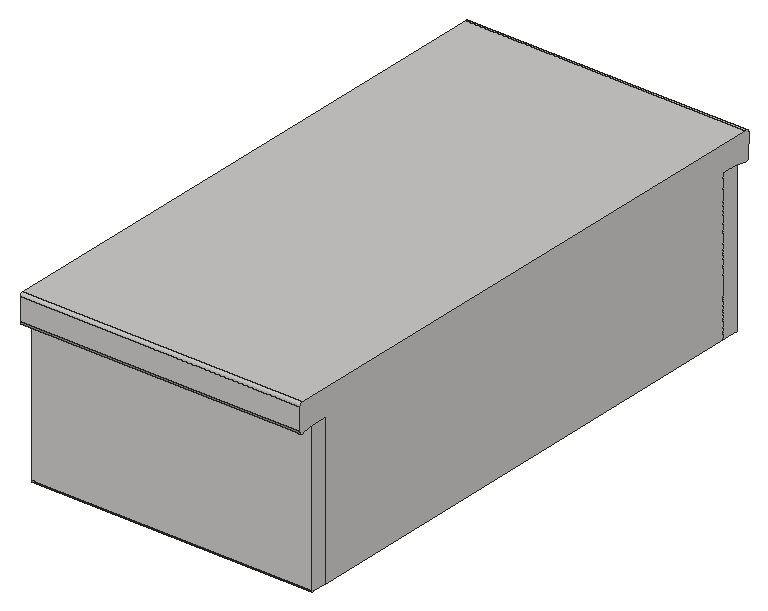
Revit family "QF_ELECTROLUXPROFESSIONAL_588108_MANABADOOO", category Specialty Equipment, Revit 2023
Family settings
  Round Connector Dimension = Use Diameter
  Part Type = Normal
  Work Plane-Based = No
  Enable Cutting in Views = No
  Always vertical = Yes
  Cut with Voids When Loaded = No
  Maintain Annotation Orientation = No
  Shared = No
  Room Calculation Point = No
Parameters
  Weight in Pounds = 24.25
  Weight = 11.00 kg
  Watts = 0 W
  URL Manufacturer = "http://www.electroluxprofessional.com"
  URL Cutsheet = "www.electrolux.com/professional"
  URL = "http://www.electroluxprofessional.com"
  Type Mark [instance] = ""
  Status [instance] = ""
  Specification by User [instance] = ""
  Specification by Manufacturer = ""
  Serial Number = ""
  Seismic Rating = ""
  SMACNA No = ""
  Revision Code [instance] = ""
  Omniclass Number and Title = ""
  NAFEM Spec ID Number = ""
  Model = "MANABADOOO"
  Masterspec = ""
  Manufacturer = "Electrolux Professional"
  Length Actual = 400.00 mm
  Item Number [instance] = "588108"
  Installed By [instance] = ""
  Identify Quantity as Lot [instance] = yes
  Height Actual = 250.00 mm
  HP = "0 HP"
  Gas KW = 0
  Furnished By [instance] = ""
  Foodservice Equipment Identifier [instance] = yes
  Direct Waste Size = 0"
  Description = "WORK TOP,CLOSED,1-SIDE,400X800X250H"
  Depth Actual = 800.00 mm
  Default Elevation = 0.00 mm
  CSI MasterFormat = ""
  CSI Master Format = ""
  Accessory = no
Reference planes
  plane 1 "BACK": y = 0
  plane 2: z = 0
  plane 3 "LEFT": x = 0
  plane 4 "RIGHT": x = 400
  plane 5 "FRONT": y = -800
  plane 6 "TOP": z = 250
  plane 7 "Center Y": x = 200
  plane 8 "Center X": y = -400
Forms (mm)
  Extrusion 1, solid, material "QF_Finishes_Stainless Steel"
    sketch origin (0, 50.048, 0) x (0, 1, 0) y (0, 0, 1)
      loop
        line (-95.048, 213) -> (-71.412, 213) -> (-54.743, 210.061)
        arc (-54.743, 210.061) -> (-51.477, 210.936) -> (-50.048, 214) r 4
        line (-50.048, 214) -> (-50.048, 246)
        arc (-50.048, 246) -> (-51.22, 248.828) -> (-54.048, 250) r 4
        line (-54.048, 250) -> (-846.048, 250)
        arc (-846.048, 250) -> (-848.877, 248.828) -> (-850.048, 246) r 4
        line (-850.048, 246) -> (-850.048, 214)
        arc (-850.048, 214) -> (-848.619, 210.936) -> (-845.353, 210.061) r 4
        line (-845.353, 210.061) -> (-828.509, 213) -> (-805.048, 213) -> (-805.048, 0) -> (-95.048, 0) -> (-95.048, 213)
    from 0 to 400
  Extrusion 2, solid, material "QF_Finishes_Stainless Steel"
    sketch origin (0, 50.048, 0) x (0, 1, 0) y (0, 0, 1)
      loop
        arc (-828.048, 213) -> (-829.462, 212.414) -> (-830.048, 211) r 2
        line (-830.048, 211) -> (-830.048, 2)
        arc (-830.048, 2) -> (-829.462, 0.586) -> (-828.048, 0) r 2
        line (-828.048, 0) -> (-805.048, 0) -> (-805.048, 213) -> (-828.048, 213)
      loop
        line (-72.048, 213) -> (-95.048, 213) -> (-95.048, 0) -> (-72.048, 0)
        arc (-72.048, 0) -> (-70.634, 0.586) -> (-70.048, 2) r 2
        line (-70.048, 2) -> (-70.048, 211)
        arc (-70.048, 211) -> (-70.634, 212.414) -> (-72.048, 213) r 2
    from 0 to 400
Lines and regions (mm)
  symbolic lines
    curve 1: line (0, 0, 0) -> (400, 0, 0)
    curve 2: line (0, -800, 0) -> (0, 0, 0)
    curve 3: line (400, -800, 0) -> (0, -800, 0)
    curve 4: line (400, 0, 0) -> (400, -800, 0)
Dimensions and locks
  equal spacing: plane 3 "LEFT", plane 7 "Center Y", plane 4 "RIGHT"
  plane 3 "LEFT" to plane 4 "RIGHT" = 400.00 mm
  equal spacing: plane 5 "FRONT", plane 8 "Center X", plane 1 "BACK"
  plane 5 "FRONT" to plane 1 "BACK" = 800.00 mm
  plane 6 "TOP" to level = 250.00 mm
  aligned and locked: level to plane 2
  aligned and locked: Extrusion 1 to plane 4 "RIGHT"
  aligned and locked: Extrusion 2 to plane 4 "RIGHT"
Automatic sketch dimensions
  Extrusion 1 sketch curve to plane 6 "TOP" = 0.00 mm
  Extrusion 1 sketch curve to level = 0.00 mm
  Extrusion 1 sketch curve to plane 6 "TOP" = 36.00 mm
  plane 5 "FRONT" to Extrusion 1 sketch curve = 0.00 mm
  Extrusion 1 sketch curve to plane 6 "TOP" = 39.939 mm
  Extrusion 1 sketch curve to Extrusion 1 sketch curve = 4.00 mm
  Extrusion 1 sketch curve to Extrusion 1 sketch curve = 4.695 mm  (x2)
  Extrusion 1 sketch curve to Extrusion 1 sketch curve = 16.844 mm
  Extrusion 1 sketch curve to plane 5 "FRONT" = 45.00 mm
  plane 1 "BACK" to Extrusion 1 sketch curve = 45.00 mm
  Extrusion 1 sketch curve to Extrusion 1 sketch curve = 23.636 mm
  Extrusion 1 sketch curve to Extrusion 1 sketch curve = 17.364 mm
  Extrusion 1 sketch curve to Extrusion 1 sketch curve = 21.364 mm
  Extrusion 1 sketch curve to Extrusion 1 sketch curve = 0.00 mm  (x2)
  Extrusion 1 sketch curve to Extrusion 1 sketch curve = 0.695 mm
  Extrusion 1 sketch curve to plane 6 "TOP" = 37.00 mm  (x2)
  Extrusion 1 sketch curve to Extrusion 1 sketch curve = 1.00 mm
  Extrusion 2 sketch curve to level = 0.00 mm  (x2)
  level to Extrusion 2 sketch curve = 2.00 mm  (x2)
  Extrusion 2 sketch curve to plane 5 "FRONT" = 20.00 mm
  Extrusion 2 sketch curve to Extrusion 2 sketch curve = 2.00 mm
  Extrusion 2 sketch curve to Extrusion 2 sketch curve = 23.00 mm
  plane 1 "BACK" to Extrusion 2 sketch curve = 45.00 mm
  plane 1 "BACK" to Extrusion 2 sketch curve = 22.00 mm  (x2)
  Extrusion 2 sketch curve to plane 6 "TOP" = 39.00 mm  (x2)
  curve 3 to plane 3 "LEFT" = 0.00 mm
  curve 3 to plane 4 "RIGHT" = 0.00 mm
  plane 1 "BACK" to curve 2 = 0.00 mm
  curve 4 to plane 5 "FRONT" = 0.00 mm
